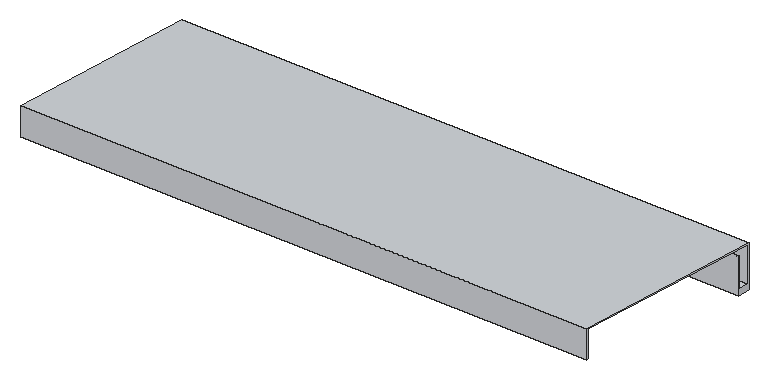
Revit family "MODULO VIERTEAGUAS", category Generic Models, Revit 2015
Parameters
  S1 = 21.999 mm
  MATERIAL = none
  LARGO [instance] = 1000 mm
  ANCHO [instance] = 355 mm
Reference planes
  plane 1 "Center (Front/Back)": y = 0
  plane 2: z = 0
  plane 3 "Center (Left/Right)": x = 0
  plane 4: x = 1000
  plane 5: y = 28.538
  plane 6: y = 355
  plane 7: y = 333.001
  plane 8: z = 64.229
  plane 9: y = 40
Forms (mm)
  Sweep 1, solid, material <- "MATERIAL"
    path origin (-1480, 0, 0) x (1, 0, 0) y (0, 1, 0)
      loop
        line (1480, 0) -> (2480, 0)
    profile "Profile MC_Vierteaguas01 : MC_Vierteaguas" origin (1000, 0, 0) x (0, 1, 0) y (0, 0, 1)
      loop
        line (0, 45.238) -> (2, 45.238) -> (2, 92.066) -> (353, 71.992) -> (353, 10) -> (335.001, 10) -> (335.001, 62.231) -> (333.001, 62.231) -> (333.001, 0) -> (355, 0) -> (355, 73.876) -> (0, 94.189) -> (0, 45.238)
  Extrusion 2, solid, material <- "MATERIAL"
    sketch origin (1000, 915.553, 1200) x (0, 1, 0) y (0, 0, 1)
      loop
        line (-913.553, -1107.934) -> (-913.553, -1135.771) -> (-560.553, -1135.771) -> (-560.553, -1128.403) -> (-913.553, -1107.934)
    from 0 to -2
  Extrusion 3, solid, material <- "MATERIAL"
    sketch origin (0, 0, 0) x (0, 1, 0) y (0, 0, 1)
      loop
        line (2, 92.066) -> (2, 56.992) -> (353, 56.992) -> (353, 71.992) -> (2, 92.066)
    from 0 to 2
Cuts and joins
  joined: Sweep 1, Extrusion 2, Extrusion 3
Lines and regions (mm)
  symbolic lines
    curve 1: line (0, -1.462, 96.434) -> (0, -1.462, 104.646)
    curve 2: line (0, -4.387, 95.59) -> (0, -1.933, 95.59)
    curve 3: line (0, -4.859, 104.646) -> (0, -4.859, 96.434)
    curve 5: line (0, -4.387, 105.49) -> (0, -1.933, 105.49)
  model lines
    curve 4: arc (0, -4.859, 96.434) -> (0, -4.733, 95.95) -> (0, -4.387, 95.59) r 0.991
    curve 6: arc (0, -4.859, 104.646) -> (0, -4.733, 105.129) -> (0, -4.387, 105.49) r 0.991
    curve 7: arc (0, -1.462, 104.646) -> (0, -1.588, 105.129) -> (0, -1.933, 105.49) r 0.991
    curve 8: arc (0, -1.462, 96.434) -> (0, -1.588, 95.95) -> (0, -1.933, 95.59) r 0.991
Dimensions and locks
  "LARGO": plane 3 "Center (Left/Right)" to plane 4
  "ANCHO": plane 1 "Center (Front/Back)" to plane 6
  "S1": plane 7 to plane 6
  locked: plane 7 to nested 2 at 2
  plane 1 "Center (Front/Back)" to plane 5 = 28.538 mm
  locked: plane 1 "Center (Front/Back)" to Extrusion 2 sketch curve at 2
  plane 1 "Center (Front/Back)" to plane 9 = 40 mm
  locked: nested 1 to plane 8 at 1
  aligned and locked: level to plane 2
  aligned and locked: plane 4 to Sweep 1 sketch curve
  aligned and locked: plane 3 "Center (Left/Right)" to Sweep 1 sketch curve
  aligned and locked: plane 1 "Center (Front/Back)" to Sweep 1 sketch curve
  aligned and locked: nested 3 to cut or joined group of Sweep 1, Extrusion 2, Extrusion 3
  aligned and locked: plane 7 to nested 4
  aligned and locked: Extrusion 2 sketch curve to plane 6
  aligned and locked: Extrusion 3 sketch curve to cut or joined group of Sweep 1, Extrusion 2, Extrusion 3
  aligned and locked: plane 9 to nested 1
  aligned and locked: plane 5 to nested 3
Automatic sketch dimensions
  level to Extrusion 2 sketch curve = 64.229 mm
  Extrusion 2 sketch curve to Extrusion 2 sketch curve = 7.368 mm
  Extrusion 2 sketch curve to Extrusion 2 sketch curve = 27.838 mm
  Extrusion 3 sketch curve to plane 1 "Center (Front/Back)" = 2 mm
  Extrusion 3 sketch curve to Extrusion 3 sketch curve = 15 mm
  Extrusion 3 sketch curve to Extrusion 3 sketch curve = 35.074 mm
  plane 1 "Center (Front/Back)" to curve 3 = 4.859 mm
  curve 4 to curve 2 = 0.472 mm
  curve 6 to curve 5 = 0.472 mm
  curve 4 to curve 4 = 0.991 mm
  curve 6 to curve 6 = 0.991 mm
  curve 4 to curve 8 = 1.416 mm
  curve 6 to curve 7 = 1.416 mm
  curve 8 to curve 2 = 0.519 mm
  curve 7 to curve 5 = 0.519 mm
  curve 5 to curve 1 = 0.472 mm
  plane 8 to curve 2 = 31.361 mm
  curve 4 to curve 6 = 8.212 mm
Nested families
  nested 1: "tornillo rosca chapa" at (0, 40, 65.229) x (0, 0, 1) z (1, 0, 0), type "tornillo rosca chapa"
  nested 2: "tornillo rosca chapa" at (0, 335.001, 43.688) x (0, 1, 0) z (1, 0, 0), type "tornillo rosca chapa"
  nested 3: "tarugo madera" at (0, 15.269, 54.733) x (0, 1, 0) z (1, 0, 0), type "tarugo madera"
    with D 18.991 mm, A 26.538 mm
  nested 4: "tarugo madera" at (0, 328.001, 41.34) x (0, 1, 0) z (1, 0, 0), type "tarugo madera"
    with D 41.782 mm, A 10 mm
  nested 5: "PERFIL L 1MM" at (0, -1, 95.189) x (0, 1, 0) z (1, 0, 0), type "PERFIL L 1MM"
Definition of nested family "tornillo rosca chapa"
  Reference planes
    plane 1 "Centro (Frontal/Posterior)": y = 0
    plane 2: z = 0
    plane 3 "Centro (Izquierda/Derecha)": x = 0
  Lines and regions (mm)
    Masking region 1, in view "Nivel de referencia"
      outline origin (0, 0, 0) x (1, 0, 0) y (0, 1, 0)
        loop
          line (0, 1.79) -> (-20.679, 1.79) -> (-25, 0) -> (-20.679, -1.79) -> (0, -1.79) -> (0, -4.75) -> (1.237, -4.75)
          arc (1.237, -4.75) -> (1.682, -4.646) -> (2.034, -4.355) r 1
          arc (2.034, -4.355) -> (3.124, -2.298) -> (3.5, 0) r 7.2
          arc (3.5, 0) -> (3.124, 2.298) -> (2.034, 4.355) r 7.2
          arc (2.034, 4.355) -> (1.682, 4.646) -> (1.237, 4.75) r 1
          line (1.237, 4.75) -> (0, 4.75) -> (0, 1.79)
Definition of nested family "tarugo madera"
  Parameters (values of type "tarugo madera")
    D [instance] = 20 mm
    A [instance] = 20 mm
  Reference planes
    plane 1 "Center (Front/Back)": y = 0
    plane 2: z = 0
    plane 3 "Center (Left/Right)": x = 0
    plane 4: y = 10
    plane 5: y = -10
    plane 6: x = -10
    plane 7: x = 10
  Lines and regions (mm)
    Filled region 1, type "Wood - Finish", in view "Ref. Level"
      outline origin (0, 0, 0) x (1, 0, 0) y (0, 1, 0)
        loop
          line (-10, 10) -> (-10, -10) -> (10, -10) -> (10, 10) -> (-10, 10)
    detail lines, in view "Ref. Level"
      curve 1: line (-10, 10, 0) -> (10, 10, 0)
      curve 2: line (-10, -10, 0) -> (-10, 10, 0)
      curve 3: line (10, -10, 0) -> (-10, -10, 0)
      curve 4: line (10, 10, 0) -> (10, -10, 0)
  Dimensions and locks
    equal spacing: plane 6, plane 3 "Center (Left/Right)", plane 7
    equal spacing: plane 4, plane 1 "Center (Front/Back)", plane 5
    "A": plane 6 to plane 7
    "D": plane 4 to plane 5
    aligned and locked: plane 6 to curve 2
    aligned and locked: curve 4 to plane 7
    aligned and locked: curve 1 to plane 4
    aligned and locked: plane 5 to curve 3
    aligned and locked: Filled region 1 sketch curve to curve 1
    aligned and locked: Filled region 1 sketch curve to curve 2
    aligned and locked: Filled region 1 sketch curve to curve 3
    aligned and locked: Filled region 1 sketch curve to curve 4
Definition of nested family "PERFIL L 1MM"
  Reference planes
    plane 1 "Center (Front/Back)": y = 0
    plane 2: z = 0
    plane 3 "Center (Left/Right)": x = 0
    plane 4: y = 10
    plane 5: x = 10
  Lines and regions (mm)
    detail lines, in view "Ref. Level"
      curve 1: line (0, 10, 0) -> (0, 0, 0)
      curve 2: line (0, 0, 0) -> (10, 0, 0)
      curve 3: line (1, 10, 0) -> (1, 1, 0)
      curve 4: line (1, 1, 0) -> (10, 1, 0)
      curve 5: arc (1, 10, 0) -> (0.5, 10.5, 0) -> (0, 10, 0) r 0.5
      curve 6: arc (10, 1, 0) -> (10.5, 0.5, 0) -> (10, 0, 0) r 0.5
  Dimensions and locks
    aligned and locked: plane 5 to curve 6
    aligned and locked: plane 4 to curve 5
